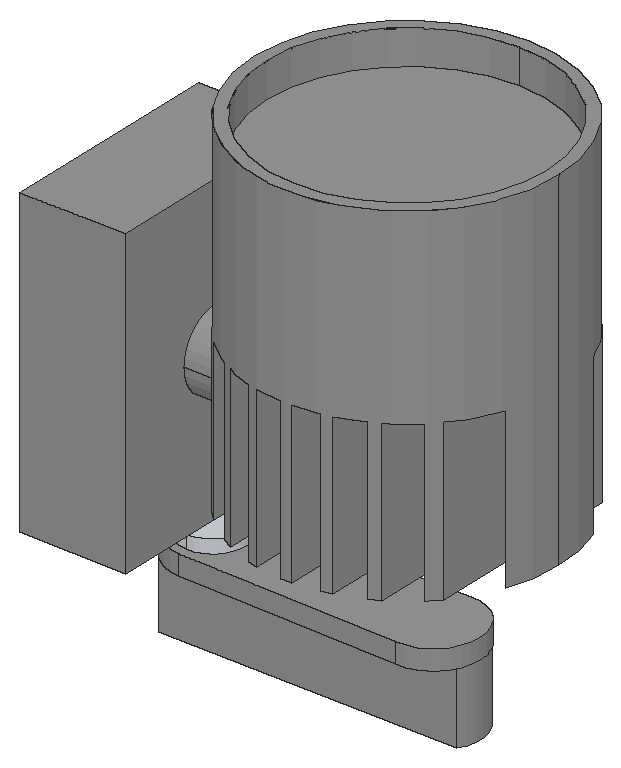
Revit family "2059778 Sylvania Lighting Fixture BEACON XL MUSE Xicato 3500K O B DIM LS3 White", category Lighting Fixtures, host Face, Revit 2016
Family settings
  Host = Face
  Part Type = Normal
  Round Connector Dimension = Use Diameter
  OmniClass Number = 23.80.70.00
  OmniClass Title = Lighting
  Cut with Voids When Loaded = No
  Light Source = Yes
  Shared = No
  Room Calculation Point = No
Parameters (values of type "2059778 BEACON XL MUSE XICATO 3500K O/B LS3 WHT")
  ceiling drop = 180 mm
  Weight = "n/a"
  Wattage Comments = ""
  Wattage = 0 W
  WarrantyStartDate [instance] = "n/a"
  WarrantyGuarantorParts = ""
  WarrantyDurationUnit = "http://www.sylvania-lighting.com"
  WarrantyDurationParts = "n/a"
  WarrantyDescription = "0.95"
  built-in parameter 1150110 = 1 (stored number, unit not read)
  Voltage = 0 V
  URL = "\\\\svlondc02\\data\\R&D_Fixtures_General\\Dialux Admin\\Michael H\\Bim\\All ranges Feilo\\not Completed\\Beacon Xicato\\Beacon XL Muse Xicato\\2059778.ies"
  TypeName = "BEACON XL MUSE Xicato 3500K O/B DIM LS3 White"
  Type Image = <None>
  Type Comments = "n/a"
  built-in parameter 1114217 = 1 (stored number, unit not read)
  Tilt Angle = 90.00°
  built-in parameter 1150109 = 1 (stored number, unit not read)
  built-in parameter 1150134 = 3
  built-in parameter 1150113 = 1 (stored number, unit not read)
  SerialNumber [instance] = "n/a"
  Photometric Web File = "2059778.ies"
  Material_3_FEILO = none
  PowerFactor = 0
  PowerConsumption = "0"
  NominalLength = 0 mm
  NominalHeight = 0 mm
  NominalDepth = 0 mm
  Name = "BEACON XL MUSE Xicato 3500K O/B DIM LS3 White"
  ModelReference = Name  # "BEACON XL MUSE Xicato 3500K O/B DIM LS3 White"
  ModelNumber = "2059778"
  Model = Name  # "BEACON XL MUSE Xicato 3500K O/B DIM LS3 White"
  Material = ""
  ManufacturerName = ""
  Manufacturer = ""
  LuminousEfficacy = "100"
  built-in parameter 1150105 = (empty or 0)
  Lumens = 0 lm
  LuminaireType = "668/1741 lm"
  built-in parameter 1150115 = 1 (stored number, unit not read)
  Lighting Material = none
  LightOutputRatio = "3"
  built-in parameter 1150137 = (empty or 0)
  built-in parameter 1150139 = (empty or 0)
  Light = none
  LampsType = Lamp  # "n/a"
  LampNominalLuminous = "LED"
  LampMacAdamStep = "16500"
  LampColourTemperature = "n/a"
  LampColourRenderingIndex = "n/a"
  built-in parameter 1150112 = 1 (stored number, unit not read)
  built-in parameter 1150114 = 1 (stored number, unit not read)
  Lamp = "n/a"
  Keynote = "0"
  InstallationDate [instance] = "n/a"
  InputVoltage = "IP20"
  InputNominalFrequency = "IK02"
  built-in parameter 1150132 = (empty or 0)
  built-in parameter 1150102 = (empty or 0)
  built-in parameter 1150107 = 3200 (stored number, unit not read)
  built-in parameter 1150138 = (empty or 0)
  IngressProtection = ""
  ImpactProtectionIndex = "Class II"
  built-in parameter 1150106 = (empty or 0)
  IfcExportType = "IfcLightFixtureType"
  IfcExportAs = "50"
  ExpectedLife = 50000
  Emit from Circle Diameter = 609.6 mm
  Emit Shape Visible in Rendering = no
  ElectricShockClassification = ""
  built-in parameter 1150104 = 13.8 (stored number, unit not read)
  DurationUnit = "hours"
  Driver Width = 85 mm
  DocumentationLiterature = "http://www.sylvania-lighting.com/product/en-int/products/2059778"
  DimmingControlOptions = "n/a"
  Material_2_FEILO = none
  Dimming Lamp Color Temperature Shift = <None>
  Diameter = 115 mm
  Description = "Integrated LED spotlight with Xicato Artist LED Module, white RAL 9016, unique soft-touch ring, adjustable beam angle from a 10° spot to a 72° flood, compact and minimalist design, ideal for museum, gallery and high-end retail applications, die-cast aluminium body, passive cooling heatsink, beam angle: 10° spot to 72° flood, optics: aspheric glass lens, colour temperature: 3500K warm white, total system power: 35W, total fixture output: 668/1741lm, luminaire efficacy: 50lm/W, LOR: 100%, super high colour rendering: Ra 97 typical, R9 value at 90, LED Chromacity: 3 step MacAdam ellipse, lifetime: 50,000 hours at 70% of the original output (L70), energy class: A++, A+, A, IR/UV free light source without heat radiation, operating voltage: 220-240V / 50-60Hz, drive current: 1050mA, electronic driver, dimmable via on-board potentiometer, power factor: 0.95, electrical protection: CLASS I, 3-circuit track adaptor, suitable for Concord Lytespan 3 track, ingress protection rating: IP20, suitable for internal use."
  Default Elevation = 115 mm
  CreatedOn = "01/07/2019"
  CreatedBy = "@sylvania-lighting.com"
  Cost = 0
  Color Filter = 16777215
  built-in parameter 1114216 [instance] = (empty or 0)
  ClassificationValue = "EF_70_80"
  ClassificationName = "Uniclass2015"
  Material_1_FEILO = none
  BarCode [instance] = "n/a"
  built-in parameter 1114218 = 1 (stored number, unit not read)
  built-in parameter 1150133 = 10 (stored number, unit not read)
  AssetType = "Fixed"
  AssetIdentifier [instance] = "n/a"
  Assembly Code = "D5020200"
  Apparent Load = 35 VA
  Material_4_FEILO = none
  Adaptor Width = 35 mm
  Adaptor Pivot = 24.952 mm
  Adaptor Inside Width = 16.53 mm
Reference planes
  plane 1 "Center (Front/Back)": y = 0
  plane 2: z = 0
  plane 3 "Center (Left/Right)": x = 0
  plane 4: y = 57.5
  plane 5: y = -57.5
  plane 6: x = -57.5
  plane 7: x = 57.5
  plane 8: z = 180
  plane 9: z = 18
  plane 10: x = -72.5
  plane 11: x = -112.5
  plane 12: z = 133
  plane 13: z = 48
  plane 14: z = 76
  plane 15: y = 42.5
  plane 16: y = -42.5
  plane 17: y = 18.447
  plane 18: y = -16.553
  plane 19: y = 12.476
  plane 20: y = -12.476
  plane 21: y = 8.265
  plane 22: y = -8.265
  plane 23: z = 5.5
Forms (mm)
  Extrusion 1, solid, material "Aluminum", detail levels medium+fine
    sketch origin (0, 0, 0) x (1, 0, 0) y (0, 1, 0)
      loop
        circle (0, 0) r 57.5
    from 48 to 180
  Extrusion 2, solid, material "Aluminum", detail levels medium+fine
    sketch origin (0, 0, 0) x (1, 0, 0) y (0, 1, 0)
      loop
        line (-112.5, 42.5) -> (-112.5, -42.16) -> (-72.5, -42.16) -> (-72.5, 42.5) -> (-112.5, 42.5)
    from 18 to 133
  Extrusion 3, void
    sketch origin (0, 0, 48) x (1, 0, 0) y (0, 1, 0)
      loop
        line (43.7, -85.519) -> (53.7, -85.519) -> (53.7, 68.594) -> (43.7, 68.594) -> (43.7, -85.519)
      loop
        line (39.9, -85.519) -> (39.9, 68.594) -> (29.9, 68.594) -> (29.9, -85.519) -> (39.9, -85.519)
      loop
        line (26.1, -85.519) -> (26.1, 68.594) -> (16.1, 68.594) -> (16.1, -85.519) -> (26.1, -85.519)
      loop
        line (12.3, -85.519) -> (12.3, 68.594) -> (2.3, 68.594) -> (2.3, -85.519) -> (12.3, -85.519)
      loop
        line (-1.5, -85.519) -> (-1.5, 68.594) -> (-11.5, 68.594) -> (-11.5, -85.519) -> (-1.5, -85.519)
      loop
        line (-15.3, -85.519) -> (-15.3, 68.594) -> (-25.3, 68.594) -> (-25.3, -85.519) -> (-15.3, -85.519)
      loop
        line (-29.1, -85.519) -> (-29.1, 68.594) -> (-39.1, 68.594) -> (-39.1, -85.519) -> (-29.1, -85.519)
      loop
        line (-42.9, -85.519) -> (-42.9, 68.594) -> (-52.9, 68.594) -> (-52.9, -85.519) -> (-42.9, -85.519)
    from 0 to 60
  Extrusion 4, solid, material "Aluminum"
    sketch origin (319, 1524, 1219.2) x (0, 1, 0) y (0, 0, 1)
      loop
        circle (-1524, -1143.2) r 15
    from -391.5 to -361.9
  Extrusion 5, solid, detail levels fine
    sketch origin (-0.798, -15.316, 18) x (0, 1, 0) y (1, 0, 0)
      loop
        circle (15.34, -72.5) r 12.5
    from 0 to 5
  Extrusion 6, solid, material "Aluminum", detail levels fine
    sketch origin (-1.795, -27.856, 13) x (-1, 0, 0) y (0, 1, 0)
      loop
        arc (-11.998, 45.379) -> (-29.497, 27.722) -> (-11.683, 10.382) r 17.5
        line (-11.683, 10.382) -> (71.502, 11.879)
        arc (71.502, 11.879) -> (87.502, 27.879) -> (71.502, 43.879) r 16
        line (71.502, 43.879) -> (-11.998, 45.379)
    from 0 to 7.5
  Extrusion 7, void
    sketch origin (0, 0, 180) x (0, 1, 0) y (1, 0, 0)
      loop
        circle (0, 0) r 53
    from 0 to 15
  Extrusion 8, solid, material "Aluminum", detail levels fine
    sketch origin (0, 0, 0) x (1, 0, 0) y (0, 1, 0)
      loop
        arc (-87.012, 8.265) -> (-89.298, 0) -> (-87.012, -8.265) r 16.086
        line (-87.012, -8.265) -> (25.615, -8.265)
        arc (25.615, -8.265) -> (27.702, 0) -> (25.615, 8.265) r 17.405
        line (25.615, 8.265) -> (-87.012, 8.265)
    from -21.5 to 5.5
  Extrusion 9, solid, not visible
    sketch origin (0, 0, 0) x (1, 0, 0) y (0, 1, 0)
      loop
        circle (0, 0) r 57.5
    from 48 to 180
  Extrusion 10, void, not visible
    sketch origin (0, 0, 48) x (1, 0, 0) y (0, 1, 0)
      loop
        line (43.7, -85.519) -> (53.7, -85.519) -> (53.7, 68.594) -> (43.7, 68.594) -> (43.7, -85.519)
      loop
        line (39.9, -85.519) -> (39.9, 68.594) -> (29.9, 68.594) -> (29.9, -85.519) -> (39.9, -85.519)
      loop
        line (26.1, -85.519) -> (26.1, 68.594) -> (16.1, 68.594) -> (16.1, -85.519) -> (26.1, -85.519)
      loop
        line (12.3, -85.519) -> (12.3, 68.594) -> (2.3, 68.594) -> (2.3, -85.519) -> (12.3, -85.519)
      loop
        line (-1.5, -85.519) -> (-1.5, 68.594) -> (-11.5, 68.594) -> (-11.5, -85.519) -> (-1.5, -85.519)
      loop
        line (-15.3, -85.519) -> (-15.3, 68.594) -> (-25.3, 68.594) -> (-25.3, -85.519) -> (-15.3, -85.519)
      loop
        line (-29.1, -85.519) -> (-29.1, 68.594) -> (-39.1, 68.594) -> (-39.1, -85.519) -> (-29.1, -85.519)
      loop
        line (-42.9, -85.519) -> (-42.9, 68.594) -> (-52.9, 68.594) -> (-52.9, -85.519) -> (-42.9, -85.519)
    from 0 to 60
  Extrusion 11, solid, not visible
    sketch origin (319, 1524, 1219.2) x (0, 1, 0) y (0, 0, 1)
      loop
        circle (-1524, -1143.2) r 15
    from -391.5 to -361.9
  Extrusion 12, void, not visible
    sketch origin (0, 0, 180) x (0, 1, 0) y (1, 0, 0)
      loop
        circle (0, 0) r 53
    from 0 to 15
  Extrusion 13, solid, not visible
    sketch origin (0, 0, 0) x (1, 0, 0) y (0, 1, 0)
      loop
        circle (0, 0) r 57.5
    from 48 to 180
  Extrusion 14, solid, not visible
    sketch origin (0, 0, 0) x (1, 0, 0) y (0, 1, 0)
      loop
        line (-112.5, 42.5) -> (-112.5, -42.16) -> (-72.5, -42.16) -> (-72.5, 42.5) -> (-112.5, 42.5)
    from 18 to 133
  Extrusion 15, void, not visible
    sketch origin (0, 0, 48) x (1, 0, 0) y (0, 1, 0)
      loop
        line (43.7, -85.519) -> (53.7, -85.519) -> (53.7, 68.594) -> (43.7, 68.594) -> (43.7, -85.519)
      loop
        line (39.9, -85.519) -> (39.9, 68.594) -> (29.9, 68.594) -> (29.9, -85.519) -> (39.9, -85.519)
      loop
        line (26.1, -85.519) -> (26.1, 68.594) -> (16.1, 68.594) -> (16.1, -85.519) -> (26.1, -85.519)
      loop
        line (12.3, -85.519) -> (12.3, 68.594) -> (2.3, 68.594) -> (2.3, -85.519) -> (12.3, -85.519)
      loop
        line (-1.5, -85.519) -> (-1.5, 68.594) -> (-11.5, 68.594) -> (-11.5, -85.519) -> (-1.5, -85.519)
      loop
        line (-15.3, -85.519) -> (-15.3, 68.594) -> (-25.3, 68.594) -> (-25.3, -85.519) -> (-15.3, -85.519)
      loop
        line (-29.1, -85.519) -> (-29.1, 68.594) -> (-39.1, 68.594) -> (-39.1, -85.519) -> (-29.1, -85.519)
      loop
        line (-42.9, -85.519) -> (-42.9, 68.594) -> (-52.9, 68.594) -> (-52.9, -85.519) -> (-42.9, -85.519)
    from 0 to 60
  Extrusion 16, solid, not visible
    sketch origin (319, 1524, 1219.2) x (0, 1, 0) y (0, 0, 1)
      loop
        circle (-1524, -1143.2) r 15
    from -391.5 to -361.9
  Extrusion 17, void, not visible
    sketch origin (0, 0, 180) x (0, 1, 0) y (1, 0, 0)
      loop
        circle (0, 0) r 53
    from 0 to 15
  Extrusion 18, solid, not visible
    sketch origin (0, 0, 0) x (1, 0, 0) y (0, 1, 0)
      loop
        circle (0, 0) r 57.5
    from 48 to 180
  Extrusion 19, solid, not visible
    sketch origin (0, 0, 0) x (1, 0, 0) y (0, 1, 0)
      loop
        line (-112.5, 42.5) -> (-112.5, -42.16) -> (-72.5, -42.16) -> (-72.5, 42.5) -> (-112.5, 42.5)
    from 18 to 133
  Extrusion 20, void, not visible
    sketch origin (0, 0, 48) x (1, 0, 0) y (0, 1, 0)
      loop
        line (43.7, -85.519) -> (53.7, -85.519) -> (53.7, 68.594) -> (43.7, 68.594) -> (43.7, -85.519)
      loop
        line (39.9, -85.519) -> (39.9, 68.594) -> (29.9, 68.594) -> (29.9, -85.519) -> (39.9, -85.519)
      loop
        line (26.1, -85.519) -> (26.1, 68.594) -> (16.1, 68.594) -> (16.1, -85.519) -> (26.1, -85.519)
      loop
        line (12.3, -85.519) -> (12.3, 68.594) -> (2.3, 68.594) -> (2.3, -85.519) -> (12.3, -85.519)
      loop
        line (-1.5, -85.519) -> (-1.5, 68.594) -> (-11.5, 68.594) -> (-11.5, -85.519) -> (-1.5, -85.519)
      loop
        line (-15.3, -85.519) -> (-15.3, 68.594) -> (-25.3, 68.594) -> (-25.3, -85.519) -> (-15.3, -85.519)
      loop
        line (-29.1, -85.519) -> (-29.1, 68.594) -> (-39.1, 68.594) -> (-39.1, -85.519) -> (-29.1, -85.519)
      loop
        line (-42.9, -85.519) -> (-42.9, 68.594) -> (-52.9, 68.594) -> (-52.9, -85.519) -> (-42.9, -85.519)
    from 0 to 60
  Extrusion 21, solid, not visible
    sketch origin (319, 1524, 1219.2) x (0, 1, 0) y (0, 0, 1)
      loop
        circle (-1524, -1143.2) r 15
    from -391.5 to -361.9
  Extrusion 22, solid, not visible
    sketch origin (-0.798, -15.316, 18) x (0, 1, 0) y (1, 0, 0)
      loop
        circle (15.34, -72.5) r 12.5
    from 0 to 5
  Extrusion 23, solid, not visible
    sketch origin (-1.795, -27.856, 13) x (-1, 0, 0) y (0, 1, 0)
      loop
        arc (-11.998, 45.379) -> (-29.497, 27.722) -> (-11.683, 10.382) r 17.5
        line (-11.683, 10.382) -> (71.502, 11.879)
        arc (71.502, 11.879) -> (87.502, 27.879) -> (71.502, 43.879) r 16
        line (71.502, 43.879) -> (-11.998, 45.379)
    from 0 to 7.5
  Extrusion 24, void, not visible
    sketch origin (0, 0, 180) x (0, 1, 0) y (1, 0, 0)
      loop
        circle (0, 0) r 53
    from 0 to 15
  Extrusion 25, solid, not visible
    sketch origin (0, 0, 0) x (1, 0, 0) y (0, 1, 0)
      loop
        circle (0, 0) r 57.5
    from 48 to 180
  Extrusion 26, solid, not visible
    sketch origin (0, 0, 0) x (1, 0, 0) y (0, 1, 0)
      loop
        line (-112.5, 42.5) -> (-112.5, -42.16) -> (-72.5, -42.16) -> (-72.5, 42.5) -> (-112.5, 42.5)
    from 18 to 133
  Extrusion 27, void, not visible
    sketch origin (0, 0, 48) x (1, 0, 0) y (0, 1, 0)
      loop
        line (43.7, -85.519) -> (53.7, -85.519) -> (53.7, 68.594) -> (43.7, 68.594) -> (43.7, -85.519)
      loop
        line (39.9, -85.519) -> (39.9, 68.594) -> (29.9, 68.594) -> (29.9, -85.519) -> (39.9, -85.519)
      loop
        line (26.1, -85.519) -> (26.1, 68.594) -> (16.1, 68.594) -> (16.1, -85.519) -> (26.1, -85.519)
      loop
        line (12.3, -85.519) -> (12.3, 68.594) -> (2.3, 68.594) -> (2.3, -85.519) -> (12.3, -85.519)
      loop
        line (-1.5, -85.519) -> (-1.5, 68.594) -> (-11.5, 68.594) -> (-11.5, -85.519) -> (-1.5, -85.519)
      loop
        line (-15.3, -85.519) -> (-15.3, 68.594) -> (-25.3, 68.594) -> (-25.3, -85.519) -> (-15.3, -85.519)
      loop
        line (-29.1, -85.519) -> (-29.1, 68.594) -> (-39.1, 68.594) -> (-39.1, -85.519) -> (-29.1, -85.519)
      loop
        line (-42.9, -85.519) -> (-42.9, 68.594) -> (-52.9, 68.594) -> (-52.9, -85.519) -> (-42.9, -85.519)
    from 0 to 60
  Extrusion 28, solid, not visible
    sketch origin (319, 1524, 1219.2) x (0, 1, 0) y (0, 0, 1)
      loop
        circle (-1524, -1143.2) r 15
    from -391.5 to -361.9
  Extrusion 29, solid, not visible
    sketch origin (-0.798, -15.316, 18) x (0, 1, 0) y (1, 0, 0)
      loop
        circle (15.34, -72.5) r 12.5
    from 0 to 5
  Extrusion 30, solid, not visible
    sketch origin (-1.795, -27.856, 13) x (-1, 0, 0) y (0, 1, 0)
      loop
        arc (-11.998, 45.379) -> (-29.497, 27.722) -> (-11.683, 10.382) r 17.5
        line (-11.683, 10.382) -> (71.502, 11.879)
        arc (71.502, 11.879) -> (87.502, 27.879) -> (71.502, 43.879) r 16
        line (71.502, 43.879) -> (-11.998, 45.379)
    from 0 to 7.5
  Extrusion 31, void, not visible
    sketch origin (0, 0, 180) x (0, 1, 0) y (1, 0, 0)
      loop
        circle (0, 0) r 53
    from 0 to 15
  Extrusion 32, solid, not visible
    sketch origin (0, 0, 0) x (1, 0, 0) y (0, 1, 0)
      loop
        arc (-87.012, 8.265) -> (-89.298, 0) -> (-87.012, -8.265) r 16.086
        line (-87.012, -8.265) -> (25.615, -8.265)
        arc (25.615, -8.265) -> (27.702, 0) -> (25.615, 8.265) r 17.405
        line (25.615, 8.265) -> (-87.012, 8.265)
    from -21.5 to 5.5
  Extrusion 33, solid, material "Glass, White, High Luminance", detail levels medium+fine
    sketch origin (0, 0, 165) x (0, 1, 0) y (-1, 0, 0)
      loop
        circle (0, 0) r 53
    from 0 to 2
  Extrusion 34, solid, detail levels coarse
    sketch origin (0, 0, 180) x (1, 0, 0) y (0, 1, 0)
      loop
        line (57.5, 57.5) -> (-112.5, 57.5) -> (-112.5, -57.5) -> (57.5, -57.5) -> (57.5, 57.5)
    from -201.5 to 0
Cuts and joins
  Extrusion 3, Extrusion 7 cuts Extrusion 1
Lines and regions (mm)
  reference lines
    curve 1: line (-73.298, 12.524, 13) -> (-73.298, -12.476, 13)
    curve 2: line (-60.798, -15.316, 13) -> (-85.798, -15.316, 13)
    curve 7: line (0, 53, 165) -> (0, -83.894, 165)
    curve 8: line (-53, 0, 165) -> (73.513, 0, 165)
  reference lines, not visible
    curve 3: line (-73.298, 12.524, 13) -> (-73.298, -12.476, 13)
    curve 4: line (-60.798, -15.316, 13) -> (-85.798, -15.316, 13)
    curve 5: line (-73.298, 12.524, 13) -> (-73.298, -12.476, 13)
    curve 6: line (-60.798, -15.316, 13) -> (-85.798, -15.316, 13)
Dimensions and locks
  "Diameter": plane 6 to plane 7
  equal spacing: plane 6, plane 3 "Center (Left/Right)", plane 7, locked at 57.5 each
  "Diameter": plane 4 to plane 5
  equal spacing: plane 4, plane 1 "Center (Front/Back)", plane 5, locked at 57.5 each
  "ceiling drop": plane 8 to level
  locked: plane 8 to plane 9 at 162
  locked: plane 12 to plane 9 at 115
  "Driver Width": plane 15 to plane 16
  equal spacing: plane 15, plane 1 "Center (Front/Back)", plane 16
  "Adaptor Width": plane 17 to plane 18
  "Adaptor Pivot": plane 19 to plane 20
  equal spacing: plane 19, plane 1 "Center (Front/Back)", plane 20
  "Adaptor Inside Width": plane 21 to plane 22
  equal spacing: plane 21, plane 1 "Center (Front/Back)", plane 22
  aligned and locked: plane 2 to host face
  aligned and locked: level to host face
  aligned and locked: plane 8 to Extrusion 1
Automatic sketch dimensions
  host sketch curve to host sketch curve = 2438.4 mm  (x2)
  Extrusion 3 sketch curve to Extrusion 3 sketch curve = 10 mm  (x8)
  Extrusion 3 sketch curve to Extrusion 3 sketch curve = 3.8 mm  (x7)
  Extrusion 3 sketch curve to Extrusion 3 sketch curve = 0 mm  (x14)
  Extrusion 3 sketch curve to Extrusion 3 sketch curve = 154.113 mm
  Extrusion 6 sketch curve to Extrusion 6 sketch curve = 83.185 mm
  Extrusion 6 sketch curve to Extrusion 6 sketch curve = 0.315 mm
  Extrusion 6 sketch curve to Extrusion 6 sketch curve = 1.5 mm
  Extrusion 6 sketch curve to Extrusion 6 sketch curve = 17.5 mm
  Extrusion 8 sketch curve to Extrusion 8 sketch curve = 15.318 mm
  Extrusion 10 sketch curve to Extrusion 10 sketch curve = 10 mm  (x8)
  Extrusion 10 sketch curve to Extrusion 10 sketch curve = 3.8 mm  (x7)
  Extrusion 10 sketch curve to Extrusion 10 sketch curve = 0 mm  (x14)
  Extrusion 10 sketch curve to Extrusion 10 sketch curve = 154.113 mm
  Extrusion 2 sketch curve to Extrusion 2 sketch curve = 40 mm
  Extrusion 2 sketch curve to Extrusion 2 sketch curve = 84.66 mm
  Extrusion 15 sketch curve to Extrusion 15 sketch curve = 10 mm  (x8)
  Extrusion 15 sketch curve to Extrusion 15 sketch curve = 3.8 mm  (x7)
  Extrusion 15 sketch curve to Extrusion 15 sketch curve = 0 mm  (x14)
  Extrusion 15 sketch curve to Extrusion 15 sketch curve = 154.113 mm
  Extrusion 14 sketch curve to Extrusion 14 sketch curve = 40 mm
  Extrusion 14 sketch curve to Extrusion 14 sketch curve = 84.66 mm
  Extrusion 20 sketch curve to Extrusion 20 sketch curve = 10 mm  (x8)
  Extrusion 20 sketch curve to Extrusion 20 sketch curve = 3.8 mm  (x7)
  Extrusion 20 sketch curve to Extrusion 20 sketch curve = 0 mm  (x14)
  Extrusion 20 sketch curve to Extrusion 20 sketch curve = 154.113 mm
  Extrusion 23 sketch curve to Extrusion 23 sketch curve = 83.185 mm
  Extrusion 23 sketch curve to Extrusion 23 sketch curve = 0.315 mm
  Extrusion 23 sketch curve to Extrusion 23 sketch curve = 1.5 mm
  Extrusion 23 sketch curve to Extrusion 23 sketch curve = 17.5 mm
  Extrusion 19 sketch curve to Extrusion 19 sketch curve = 40 mm
  Extrusion 19 sketch curve to Extrusion 19 sketch curve = 84.66 mm
  Extrusion 8 sketch curve to Extrusion 8 sketch curve = 0 mm  (x2)
  Extrusion 8 sketch curve to Extrusion 8 sketch curve = 13.8 mm
  Extrusion 8 sketch curve to Extrusion 8 sketch curve = 83.509 mm
  Extrusion 8 sketch curve to Extrusion 8 sketch curve = 8.265 mm
  Extrusion 27 sketch curve to Extrusion 27 sketch curve = 10 mm  (x8)
  Extrusion 27 sketch curve to Extrusion 27 sketch curve = 3.8 mm  (x7)
  Extrusion 27 sketch curve to Extrusion 27 sketch curve = 0 mm  (x14)
  Extrusion 27 sketch curve to Extrusion 27 sketch curve = 154.113 mm
  Extrusion 30 sketch curve to Extrusion 30 sketch curve = 83.185 mm
  Extrusion 30 sketch curve to Extrusion 30 sketch curve = 0.315 mm
  Extrusion 30 sketch curve to Extrusion 30 sketch curve = 1.5 mm
  Extrusion 30 sketch curve to Extrusion 30 sketch curve = 17.5 mm
  Extrusion 32 sketch curve to Extrusion 32 sketch curve = 15.318 mm
  Extrusion 26 sketch curve to Extrusion 26 sketch curve = 40 mm
  Extrusion 26 sketch curve to Extrusion 26 sketch curve = 84.66 mm
  Extrusion 32 sketch curve to Extrusion 32 sketch curve = 0 mm  (x2)
  Extrusion 32 sketch curve to Extrusion 32 sketch curve = 13.8 mm
  Extrusion 32 sketch curve to Extrusion 32 sketch curve = 83.509 mm
  Extrusion 32 sketch curve to Extrusion 32 sketch curve = 8.265 mm
  Extrusion 8 sketch curve to plane 21 = 0 mm
  Extrusion 8 sketch curve to plane 10 = 14.512 mm
  Extrusion 2 to Extrusion 5 sketch curve = 0.798 mm
  Extrusion 2 to Extrusion 5 sketch curve = 42.184 mm
  curve 2 to curve 1 = 2.84 mm
  curve 1 to curve 1 = 25 mm
  curve 2 to curve 1 = 12.5 mm
  curve 1 to curve 2 = 12.5 mm
  Extrusion 2 sketch curve to plane 11 = 0 mm
  plane 15 to Extrusion 2 sketch curve = 0 mm
  plane 1 "Center (Front/Back)" to Extrusion 1 sketch curve = 0 mm
  Extrusion 1 sketch curve to plane 3 "Center (Left/Right)" = 0 mm
  Extrusion 4 sketch curve to plane 1 "Center (Front/Back)" = 0 mm
  plane 14 to Extrusion 4 sketch curve = 0 mm
  curve 7 to curve 8 = 83.894 mm
  curve 8 to curve 7 = 53 mm
  curve 8 to curve 7 = 73.513 mm
  curve 7 to curve 8 = 53 mm
  Extrusion 34 sketch curve to Extrusion 34 sketch curve = 170 mm
  Extrusion 34 sketch curve to Extrusion 34 sketch curve = 115 mm
  radius of Extrusion 1 sketch curve = 57.5 mm
  radius of Extrusion 4 sketch curve = 15 mm
  radius of Extrusion 5 sketch curve = 12.5 mm
  radius of Extrusion 5 to Extrusion 6 sketch curve = 3.5 mm
  radius of Extrusion 7 sketch curve = 53 mm
  radius of Extrusion 9 sketch curve = 57.5 mm
  radius of Extrusion 11 sketch curve = 15 mm
  radius of Extrusion 12 sketch curve = 53 mm
  radius of Extrusion 13 sketch curve = 57.5 mm
  radius of Extrusion 16 sketch curve = 15 mm
  radius of Extrusion 17 sketch curve = 53 mm
  radius of Extrusion 18 sketch curve = 57.5 mm
  radius of Extrusion 21 sketch curve = 15 mm
  radius of Extrusion 22 sketch curve = 12.5 mm
  radius of Extrusion 22 to Extrusion 23 sketch curve = 3.5 mm
  radius of Extrusion 24 sketch curve = 53 mm
  radius of Extrusion 25 sketch curve = 57.5 mm
  radius of Extrusion 28 sketch curve = 15 mm
  radius of Extrusion 29 sketch curve = 12.5 mm
  radius of Extrusion 29 to Extrusion 30 sketch curve = 3.5 mm
  radius of Extrusion 31 sketch curve = 53 mm
  radius of Extrusion 33 sketch curve to Extrusion 7 = 0 mm
Connectors
  electrical at (-30.699, 0, -21.5)
    settings: on Extrusion 8, index 1, voltage 0 V, apparent load 0 VA, apparent load phase1 0 VA, apparent load phase2 0 VA, apparent load phase3 0 VA, power factor 1, load classification "Other", number of poles 1, system type 31, power factor state 1, is connector primary yes, connector utility no, sub classification motor no, connector description ""
